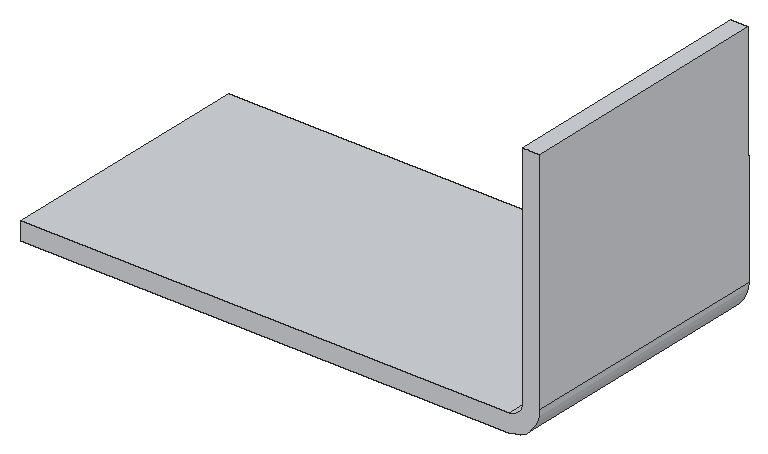
Revit family "Anchorage-HunterDouglas-Natura Walls", category Specialty Equipment, Revit 2013
Parameters (values of type "Unistrut_Main")
  ecoScorecard_data = ""
  ecoScorecard Product Page = ""
  URL = "http://www.hunterdouglascontract.com/ceilings/index.jsp"
  Subcategory = "Natura Wood"  # constant formula
  Product Line = "Natura Wall"  # constant formula
  Perforations = "http://www.hunterdouglasarchitectural.com/ceilings/woodwright/naturawall/index.jsp?t=perfPage"
  Model = "Natura Wall Upper_Clip"  # constant formula
  Manufacturer = "Hunter Douglas Luxalon Metal Ceilings"  # constant formula
  Description = "Upper_Clip"  # constant formula
  Color Finishes = "http://www.hunterdouglasarchitectural.com/ceilings/woodwright/naturawall/index.jsp?t=colorPage"
  Carrier Visibility = yes
  Default Elevation = 0"  # constant formula
  Unit = Metal - Aluminum Frame - HunterDouglas - Painted White
  Carrier Length [instance] = 2.95276"
  Assembly Code = "C3030200"
  95 CSI = "09510"  # constant formula
  04 CSI = "09 51 00"  # constant formula
Reference planes (in)
  plane 1 "Center (Front/Back)": y = 0
  plane 2: z = 0
  plane 3 "Center (Left/Right)": x = 0
  plane 4: y = 1.47638
  plane 5: y = -1.47638
  plane 6: x = -2.95276
  plane 7: x = 2.95276
Dimensions and locks (in)
  equal spacing: plane 4, plane 1 "Center (Front/Back)", plane 5
  "Carrier Length": plane 4 to plane 5
  equal spacing: plane 6, plane 3 "Center (Left/Right)", plane 7
  plane 6 to plane 7 = 5.90551"
  aligned and locked: plane 2 to level
  aligned and locked: plane 3 "Center (Left/Right)" to nested 1
  aligned and locked: plane 1 "Center (Front/Back)" to nested 1
  aligned and locked: level to nested 1
Nested families (in)
  nested 1: "Anchorage-HunterDouglas-Natura Walls" at (0, 0, 0), type "Unistrut_Main"
Definition of nested family "Anchorage-HunterDouglas-Natura Walls"
  Parameters (values of type "Unistrut_Main")
    Width = 5.90551"
    URL = "http://www.hunterdouglascontract.com/ceilings/index.jsp"
    Subcategory = "Natura Wood"  # constant formula
    Product Line = "Natura Wall"  # constant formula
    Model = "Natura Wall Upper_Clip"  # constant formula
    Manufacturer = "Hunter Douglas Luxalon Metal Ceilings"  # constant formula
    Length = 2.95276"
    Height = 3.93701"
    Description = "Upper_Clip"  # constant formula
    Carrier Visibility = yes
    Default Elevation = 0"  # constant formula
    Unit = Metal - Aluminum Frame - HunterDouglas - Painted White
    Assembly Code = "C3030200"
    95 CSI = "09510"  # constant formula
    04 CSI = "09 51 00"  # constant formula
  Types (2): name | Width | URL | Length | Height | Assembly Code
    Unistrut_Main | 5.90551" | "http://www.hunterdouglascontract.com/ceilings/index.jsp" | 2.95276" | 3.93701" | "C3030200"
    Unistrut_Cross | 1 145/256" | "" | 186" | 1 181/256" | ""
  Reference planes (in)
    plane 1 "Center (Front/Back)": y = 0
    plane 2: z = 0
    plane 3 "Center (Left/Right)": x = 0
    plane 4: y = 1.47638
    plane 5: y = -1.47638
    plane 6: x = -2.95276
    plane 7: x = 2.95276
  Forms (in)
    Sweep 1, solid, material "Metal - Aluminum Frame - HunterDouglas - Painted White" <- "Unit", detail levels medium
      path origin (0, -1.47638, 1.47638) x (1, 0, 0) y (0, 0, -1)
        loop
          line (-2.95276, 1.47638) -> (2.95276, 1.47638) -> (2.95276, -1.47638)
      profile origin (0, -1.47638, 0) x (0, 0, -1) y (0, 1, 0)
        loop
          line (0, 2.95276) -> (-0.19922, 2.95276) -> (-0.19922, 0) -> (0, 0) -> (0, 2.95276)
    Sweep 2, solid, material "Metal - Aluminum Frame - HunterDouglas - Painted White" <- "Unit", detail levels fine
      path origin (0, -1.47638, 1.47638) x (1, 0, 0) y (0, 0, -1)
        loop
          line (-2.95276, 1.47638) -> (2.60023, 1.47638)
          arc (2.60023, 1.47638) -> (2.8495, 1.37313) -> (2.95276, 1.12385) r 0.35252
          line (2.95276, 1.12385) -> (2.95276, -1.47638)
      profile origin (-0.17626, -1.47638, 0) x (0, 0, -1) y (0, 1, 0)
        loop
          line (0, 2.95276) -> (-0.19922, 2.95276) -> (-0.19922, 0) -> (0, 0) -> (0, 2.95276)
    Extrusion 3, solid, material "Metal - Aluminum Frame - HunterDouglas - Painted White" <- "Unit", detail levels coarse
      sketch origin (0, -1.47638, 1.47638) x (1, 0, 0) y (0, 0, -1)
        loop
          line (-2.95276, 1.47638) -> (-2.95276, -1.47638) -> (2.95276, -1.47638) -> (2.95276, 1.47638) -> (-2.95276, 1.47638)
      from 0 to 2.95276
  Lines and regions (in)
    symbolic lines, style "Anchorage", detail levels coarse
      curve 1: line (-2.95276, 0, 2.95276) -> (2.95276, 0, 2.95276)
      curve 2: line (-2.95276, 0, 0) -> (-2.95276, 0, 2.95276)
      curve 3: line (2.95276, 0, 0) -> (-2.95276, 0, 0)
      curve 4: line (2.95276, 0, 2.95276) -> (2.95276, 0, 0)
    symbolic lines, style "Anchorage", detail levels medium
      curve 5: line (2.95276, 0, 2.95276) -> (2.75354, 0, 2.95276)
      curve 6: line (2.75354, 0, 2.95276) -> (2.75354, 0, 0.19922)
      curve 7: line (2.95276, 0, 0) -> (2.95276, 0, 2.95276)
      curve 8: line (2.75354, 0, 0.19922) -> (-2.95276, 0, 0.19922)
      curve 9: line (-2.95276, 0, 0) -> (2.95276, 0, 0)
      curve 10: line (-2.95276, 0, 0) -> (-2.95276, 0, 0.19922)
    symbolic lines, style "Anchorage", detail levels fine
      curve 11: line (2.75354, 0, 2.95276) -> (2.75354, 0, 0.35252)
      curve 12: arc (2.75354, 0, 0.35252) -> (2.70864, 0, 0.24412) -> (2.60023, 0, 0.19922) r 0.1533
      curve 13: line (2.60023, 0, 0.19922) -> (-2.95276, 0, 0.19922)
      curve 14: line (-2.95276, 0, 0.19922) -> (-2.95276, 0, 0)
      curve 15: line (-2.95276, 0, 0) -> (2.60023, 0, 0)
      curve 16: arc (2.60023, 0, 0) -> (2.8495, 0, 0.10325) -> (2.95276, 0, 0.35252) r 0.35252
      curve 17: line (2.95276, 0, 0.35252) -> (2.95276, 0, 2.95276)
      curve 18: line (2.95276, 0, 2.95276) -> (2.75354, 0, 2.95276)
    symbolic lines, style "Anchorage"
      curve 19: line (0, 1.47638, 2.95276) -> (0, -1.47638, 2.95276)
      curve 20: line (0, 1.47638, 0) -> (0, 1.47638, 2.95276)
      curve 21: line (0, -1.47638, 0) -> (0, 1.47638, 0)
      curve 22: line (0, -1.47638, 2.95276) -> (0, -1.47638, 0)
      curve 24: line (-2.95276, 1.47638, 0) -> (2.95276, 1.47638, 0)
      curve 25: line (-2.95276, -1.47638, 0) -> (-2.95276, 1.47638, 0)
      curve 26: line (2.95276, -1.47638, 0) -> (-2.95276, -1.47638, 0)
      curve 27: line (2.95276, 1.47638, 0) -> (2.95276, -1.47638, 0)
    symbolic lines, style "Anchorage", detail levels medium+fine
      curve 23: line (0, 1.47638, 0.19922) -> (0, -1.47638, 0.19922)
      curve 28: line (2.75354, 1.47638, 0) -> (2.75354, -1.47638, 0)
  Dimensions and locks (in)
    equal spacing: plane 4, plane 1 "Center (Front/Back)", plane 5
    "Length": plane 4 to plane 5
    equal spacing: plane 6, plane 3 "Center (Left/Right)", plane 7
    "Width": plane 6 to plane 7
    Extrusion 3 to Extrusion 3 = 2.95276"
    aligned and locked: plane 2 to level
    aligned and locked: plane 4 to Sweep 2 sketch curve
    aligned and locked: plane 4 to Sweep 1 sketch curve
    aligned and locked: curve 1 to Extrusion 3
    aligned and locked: curve 2 to Extrusion 3
    aligned and locked: curve 3 to Sweep 1
    aligned and locked: curve 4 to Sweep 1
    aligned and locked: curve 5 to Sweep 2
    aligned and locked: curve 6 to Sweep 2
    aligned and locked: curve 7 to Sweep 2
    aligned and locked: curve 8 to Sweep 1
    aligned and locked: curve 9 to Sweep 2
    aligned and locked: curve 11 to Sweep 2
    aligned and locked: curve 12 to Sweep 2
    aligned and locked: curve 14 to Sweep 2
    aligned and locked: curve 16 to Sweep 2
    aligned and locked: curve 19 to Sweep 1
    aligned and locked: curve 20 to Sweep 1
    aligned and locked: curve 21 to Sweep 1
    aligned and locked: curve 22 to Sweep 1
    aligned and locked: curve 20 to curve 23
    aligned and locked: curve 23 to Sweep 1
    aligned and locked: curve 24 to Sweep 1
    aligned and locked: curve 25 to Sweep 1
    aligned and locked: curve 26 to Sweep 1
    aligned and locked: curve 27 to Sweep 1
    aligned and locked: curve 24 to curve 28
    aligned and locked: curve 28 to Sweep 1
  Automatic sketch dimensions
    plane 6 to Sweep 1 sketch curve = 0"
    Sweep 1 sketch curve to plane 7 = 0"
    level to Sweep 1 sketch curve = 2.95276"
    level to Sweep 1 sketch curve = 0"
    Sweep 1 sketch curve to profile plane = 0"  (x2)
    profile plane to Sweep 1 sketch curve = 51/256"
    plane 6 to Sweep 2 sketch curve = 0"
    Sweep 2 sketch curve to plane 7 = 0"
    Sweep 2 sketch curve to plane 7 = 0.35252"
    level to Sweep 2 sketch curve = 2.95276"
    level to Sweep 2 sketch curve = 0.35252"
    Sweep 2 sketch curve to profile plane = 0"  (x2)
    Sweep 2 sketch curve to Sweep 2 sketch curve = 51/256"
    plane 6 to Extrusion 3 sketch curve = 0"
    Extrusion 3 sketch curve to plane 7 = 0"
    level to Extrusion 3 sketch curve = 2.95276"
    level to Extrusion 3 sketch curve = 0"
